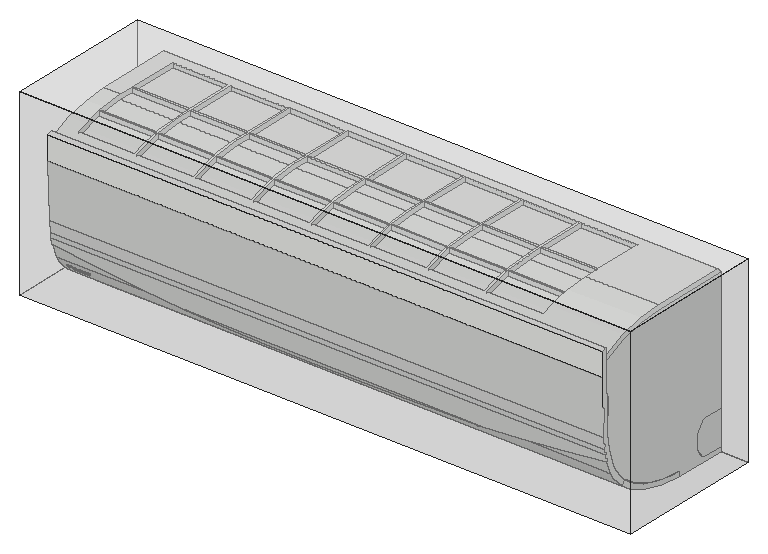
Revit family "outputfile", category 機械設備, Revit 2024
Family settings
  丸型コネクタ寸法 = 半径を使用
  パーツ タイプ = 標準
  OmniClass 番号 = 23.75.10.24.21.27.27
  OmniClass タイトル = Split System Air Conditioning Units
  作業面ベース = いいえ
  常に垂直 = はい
  ロード時にボイドで切り取り = いいえ
  注釈の向きを維持 = いいえ
  共有 = いいえ
  部屋計算ポイント = いいえ
Parameters (values of type "FTXV50W2VMA")
  Description = ""
  書き出し IFC クラス(タイプ) = "IfcUnitaryEquipmentType"
  定義済み IFC タイプ(タイプ) = "AIRCONDITIONINGUNIT"
  Cost = 0
  Type Comments = ""
  Keynote = ""
  Type Image = (empty or 0)
  Assembly Code = ""
  w_wall hole = if(Width = 770.0 mm, 48.0 mm, 60.0 mm)  # 60.0 mm
  製造元 = "Daikin"
  モデル = "FTXV50W2VMA"
  switch_frequency = yes
  r_Liquid Pipe Size = Liquid Pipe Size / 2  # 3.2 mm
  r_Gas Pipe Size = Gas Pipe Size / 2  # 6.35 mm
  r_Drain Pipe Size = Drain Pipe Size / 2  # 8.0 mm
  lw_powersupply [instance] = if(Width = 770.0 mm, if(or(Rear Right Connection_refrigerant, Bottom Right Connection_refrigerant), 25.0 mm, if(or(Rear Left Connection_refrigerant, Bottom Left Connection_refrigerant), 745.0 mm, 400.0 mm)), if(Width = 990.0 mm, if(or(Rear Right Connection_refrigerant, Bottom Right Connection_refrigerant), 40.0 mm, if(or(Rear Left Connection_refrigerant, Bottom Left Connection_refrigerant), 920.0 mm, 400.0 mm)), if(or(Rear Right Connection_refrigerant, Bottom Right Connection_refrigerant), 40.0 mm, if(or(Rear Left Connection_refrigerant, Bottom Left Connection_refrigerant), 920.0 mm, 400.0 mm))))  # 400.0 mm
  lw_liquidpipe [instance] = if(Width = 770.0 mm, if(or(Rear Right Connection_refrigerant, Bottom Right Connection_refrigerant), 0.0 mm, if(or(Rear Left Connection_refrigerant, Bottom Left Connection_refrigerant), 664.0 mm, 385.0 mm)), if(Width = 990.0 mm, if(or(Rear Right Connection_refrigerant, Bottom Right Connection_refrigerant), 0.0 mm, if(or(Rear Left Connection_refrigerant, Bottom Left Connection_refrigerant), 664.0 mm + (990.0 mm - 770.0 mm), 475.0 mm)), if(or(Rear Right Connection_refrigerant, Bottom Right Connection_refrigerant), 0.0 mm, if(or(Rear Left Connection_refrigerant, Bottom Left Connection_refrigerant), 664.0 mm + (990.0 mm - 770.0 mm), 475.0 mm))))  # 475.0 mm
  lw_gaspipe [instance] = if(Width = 770.0 mm, if(or(Rear Right Connection_refrigerant, Bottom Right Connection_refrigerant), 0.0 mm, if(or(Rear Left Connection_refrigerant, Bottom Left Connection_refrigerant), 675.0 mm, if(Gas Pipe Size = 12.7 mm, 345.0 mm, 335.0 mm))), if(Width = 990.0 mm, if(or(Rear Right Connection_refrigerant, Bottom Right Connection_refrigerant), 10.0 mm, if(or(Rear Left Connection_refrigerant, Bottom Left Connection_refrigerant), 890.0 mm, if(Gas Pipe Size = 15.9 mm, 410.0 mm, 400.0 mm))), if(or(Rear Right Connection_refrigerant, Bottom Right Connection_refrigerant), 10.0 mm, if(or(Rear Left Connection_refrigerant, Bottom Left Connection_refrigerant), 890.0 mm, if(Gas Pipe Size = 15.9 mm, 410.0 mm, 400.0 mm)))))  # 400.0 mm
  lw_drainpipe [instance] = if(Width = 770.0 mm, if(or(Rear Right Connection_refrigerant, Bottom Right Connection_refrigerant), 0.0 mm, if(or(Rear Left Connection_refrigerant, Bottom Left Connection_refrigerant), 770.0 mm - 48.0 mm - 48.0 mm, 440.0 mm)), if(Width = 990.0 mm, if(or(Rear Right Connection_refrigerant, Bottom Right Connection_refrigerant), 0.0 mm, if(or(Rear Left Connection_refrigerant, Bottom Left Connection_refrigerant), 675.0 mm + (990.0 mm - 770.0 mm), 435.0 mm)), if(or(Rear Right Connection_refrigerant, Bottom Right Connection_refrigerant), 0.0 mm, if(or(Rear Left Connection_refrigerant, Bottom Left Connection_refrigerant), 675.0 mm + (990.0 mm - 770.0 mm), 435.0 mm))))  # 435.0 mm
  l_powersupply_length [instance] = if(Width = 770.0 mm, if(Right Connection_refrigerant, 400.0 mm, if(Left Connection_refrigerant, 770.0 mm - 400.0 mm, if(or(Rear Left Connection_refrigerant, Rear Right Connection_refrigerant), 15.0 mm, 50.0 mm))), if(Width = 990.0 mm, if(Right Connection_refrigerant, 400.0 mm, if(Left Connection_refrigerant, 990.0 mm - 400.0 mm, if(or(Rear Left Connection_refrigerant, Rear Right Connection_refrigerant), 15.0 mm, 50.0 mm))), if(Right Connection_refrigerant, 400.0 mm, if(Left Connection_refrigerant, 990.0 mm - 400.0 mm, if(or(Rear Left Connection_refrigerant, Rear Right Connection_refrigerant), 15.0 mm, 50.0 mm)))))  # 400.0 mm
  l_liquidpipe_length [instance] = if(Width = 770.0 mm, if(Right Connection_refrigerant, 433.0 mm, if(Left Connection_refrigerant, 337.0 mm, if(or(Rear Left Connection_refrigerant, Rear Right Connection_refrigerant), 30.0 mm, 40.0 mm))), if(Width = 990.0 mm, if(Right Connection_refrigerant, 535.0 mm, if(Left Connection_refrigerant, 455.0 mm, if(or(Rear Left Connection_refrigerant, Rear Right Connection_refrigerant), 30.0 mm, 40.0 mm))), if(Right Connection_refrigerant, 535.0 mm, if(Left Connection_refrigerant, 455.0 mm, if(or(Rear Left Connection_refrigerant, Rear Right Connection_refrigerant), 30.0 mm, 40.0 mm)))))  # 535.0 mm
  l_gaspipe_length [instance] = if(Width = 770.0 mm, if(Right Connection_refrigerant, if(Gas Pipe Size = 12.7 mm, 393.0 mm, 383.0 mm), if(Left Connection_refrigerant, if(Gas Pipe Size = 12.7 mm, 770.0 mm - 393.0 mm, 770.0 mm - 383.0 mm), if(or(Rear Left Connection_refrigerant, Rear Right Connection_refrigerant), 40.0 mm, 50.0 mm))), if(Width = 990.0 mm, if(Right Connection_refrigerant, if(Gas Pipe Size = 15.9 mm, 470.0 mm, 460.0 mm), if(Left Connection_refrigerant, if(Gas Pipe Size = 15.9 mm, 990.0 mm - 470.0 mm, 990.0 mm - 460.0 mm), if(or(Rear Left Connection_refrigerant, Rear Right Connection_refrigerant), 40.0 mm, 50.0 mm))), if(Right Connection_refrigerant, if(Gas Pipe Size = 15.9 mm, 470.0 mm, 460.0 mm), if(Left Connection_refrigerant, if(Gas Pipe Size = 15.9 mm, 990.0 mm - 470.0 mm, 990.0 mm - 460.0 mm), if(or(Rear Left Connection_refrigerant, Rear Right Connection_refrigerant), 40.0 mm, 50.0 mm)))))  # 460.0 mm
  l_drainpipe_length [instance] = if(Width = 770.0 mm, if(Right Connection_refrigerant, 488.0 mm, if(Left Connection_refrigerant, 282.0 mm, if(or(Rear Left Connection_refrigerant, Rear Right Connection_refrigerant), 15.0 mm, 20.0 mm))), if(Width = 990.0 mm, if(Right Connection_refrigerant, 495.0 mm, if(Left Connection_refrigerant, 495.0 mm, if(or(Rear Left Connection_refrigerant, Rear Right Connection_refrigerant), 15.0 mm, 20.0 mm))), if(Right Connection_refrigerant, 495.0 mm, if(Left Connection_refrigerant, 495.0 mm, if(or(Rear Left Connection_refrigerant, Rear Right Connection_refrigerant), 15.0 mm, 20.0 mm)))))  # 495.0 mm
  h*** = 0.0 mm  # constant formula
  connector_voltage = Voltage_50Hz  # 230 V
  connector_powerinput = if([Power Input (Cooling)] > [Power Input (Heating)], [Power Input (Cooling)], [Power Input (Heating)])  # 0.000 kW
  connector_phase = Phase_50Hz  # 1
  angle_vertical [instance] = if(or(Bottom Left Connection_refrigerant, Bottom Right Connection_refrigerant), 0.00°, 90.00°)  # 90.00°
  angle_horizontal [instance] = if(Right Connection_refrigerant, 90.00°, if(Left Connection_refrigerant, -90.00°, if(or(Rear Left Connection_refrigerant, Rear Right Connection_refrigerant), 180.00°, 0.00°)))  # 90.00°
  Width = 990.0 mm
  Voltage_comment_50Hz = "220 - 240"
  Voltage_50Hz = 230 V
  Version = "ver.1.0"
  Unit Type = "Wall Mounted"
  Unit Mass Weight = 13.00 kg
  Unit Designation [instance] = ""
  Uniclass2015Version = "Products v1.30"
  Uniclass2015Title = "Split coil room air conditioning units"
  Uniclass2015Code = "Pr_70_65_03_86"
  URL = ""
  Total Heating Capacity [instance] = 0.000 kW
  Total Cooling Capacity [instance] = 0.000 kW
  Sound Pressure Level_M speed (dBA) = 40
  Sound Pressure Level_L speed (dBA) = 35
  Sound Pressure Level_H speed (dBA) = 45
  Sound Power Level_H speed (dB) = 0
  Series = "Single Split_Fan Coil Unit"
  Sensible Cooling Capacity [instance] = 0.000 kW
  Refrigerant Type = "R32"
  Power Input (Heating) = 0.000 kW
  Power Input (Cooling) = 0.000 kW
  Phase_50Hz = 1
  Option Accessory 3 [instance] = ""
  Option Accessory 2 [instance] = ""
  Option Accessory 1 [instance] = ""
  Nominal Heating Capacity = 6.000 kW
  Nominal Cooling Capacity = 5.000 kW
  Minimum Circuit Amps_50Hz = 0.0 A
  Minimum Airflow = 666.00 m³/h
  Median Airflow = 816.00 m³/h
  Maximum Fuse Amps_50Hz = 0.0 A
  Maximum Airflow = 960.00 m³/h
  Material_Casing = DAIKIN_PureWhite_Casing_indoorunit
  Load Classification = HVAC
  Liquid Pipe Size = 6.4 mm
  Link_Nested Family [instance] = ""
  IfcVersion = ""
  IfcExportType = "AIRCONDITIONINGUNIT"
  IfcExportAs = "IfcUnitaryEquipmentType"
  Height = 295.0 mm
  Heating Entering Wet Bulb Temperature [instance] = -273.15 °C
  Heating Entering Dry Bulb Temperature [instance] = -273.15 °C
  Heating Ambient Wet Bulb Temperature [instance] = -273.15 °C
  Heating Ambient Dry Bulb Temperature [instance] = -273.15 °C
  Heat Exchanger Type = "Cross Fin Coil"
  Gas Pipe Size = 12.7 mm
  Frequency_50Hz = 50 Hz
  Fan Type = "Cross Flow Fan"
  Fan Drive = "Direct Drive"
  FCU Tag No. [instance] = ""
  Drain Pipe Size = 16.0 mm
  Design Supply Airflow [instance] = 0.00 m³/h
  Depth = 263.0 mm
  既定の高さ = 0.0 mm
  Cooling Entering Wet Bulb Temperature [instance] = 0.00 °C
  Cooling Entering Dry Bulb Temperature [instance] = 0.00 °C
  Cooling Ambient Wet Bulb Temperature [instance] = 0.00 °C
  Cooling Ambient Dry Bulb Temperature [instance] = 0.00 °C
  Clearance visibility [instance] = yes
  Clearance Top = 30.0 mm
  Clearance Right = 50.0 mm
  Clearance Rear = 0.0 mm
  Clearance Left = 50.0 mm
  Clearance Front = 0.0 mm
  Clearance Bottom = 0.0 mm
  Bottom Right Connection_refrigerant [instance] = no
  Bottom Left Connection_refrigerant [instance] = no
  Rear Right Connection_refrigerant [instance] = no
  Rear Left Connection_refrigerant [instance] = no
  Right Connection_refrigerant [instance] = yes
  Left Connection_refrigerant [instance] = no
Reference planes
  plane 1 "Back": y = 0
  plane 2: z = 0
  plane 3 "Center (Left/Right)": x = 0
  plane 4 "Center (Front/Back)": y = -131.5
  plane 5 "Front": y = -263
  plane 6 "Left": x = -495
  plane 7 "Right": x = 495
  plane 8 "Top": z = 0
  plane 9 "Bottom": z = -295
  plane 10: x = -545
  plane 11: x = 545
  plane 12: y = 0
  plane 13: y = -263
  plane 14: z = 30
  plane 15: z = -295
  plane 16 "lw_Piping and Wiring intake": x = 435
  plane 17 "lw_gaspipe": x = 35
  plane 18 "lw_liquidpipe": x = -40
  plane 19 "lw_drainpipe": x = 0
  plane 20 "lh_drainpipe": z = -275
  plane 21 "lh_liquidpipe": z = -255
  plane 22 "lh_gaspipe": z = -245
  plane 23 "ld_drainpipe": y = -15
  plane 24 "ld_liquidpipe": y = -30
  plane 25 "ld_gaspipe": y = -40
  plane 26 "lw_powersupply": x = 95
Dimensions and locks
  equal spacing: plane 6 "Left", plane 3 "Center (Left/Right)", plane 7 "Right"
  "Width": plane 6 "Left" to plane 7 "Right"
  equal spacing: plane 5 "Front", plane 4 "Center (Front/Back)", plane 1 "Back"
  "Depth": plane 5 "Front" to plane 1 "Back"
  "Height": plane 8 "Top" to plane 9 "Bottom"
  "Clearance Rear": plane 12 to plane 1 "Back"
  "Clearance Front": plane 13 to plane 5 "Front"
  "Clearance Top": plane 14 to plane 8 "Top"
  "Clearance Bottom": plane 9 "Bottom" to plane 15
  "w_wall hole": plane 16 "lw_Piping and Wiring intake" to plane 7 "Right"
  "lw_gaspipe": plane 17 "lw_gaspipe" to plane 16 "lw_Piping and Wiring intake"
  "lw_liquidpipe": plane 18 "lw_liquidpipe" to plane 16 "lw_Piping and Wiring intake"
  "lw_drainpipe": plane 19 "lw_drainpipe" to plane 16 "lw_Piping and Wiring intake"
  locked: plane 20 "lh_drainpipe" to plane 9 "Bottom" at 20
  locked: plane 21 "lh_liquidpipe" to plane 9 "Bottom" at 40
  locked: plane 22 "lh_gaspipe" to plane 9 "Bottom" at 50
  locked: plane 23 "ld_drainpipe" to plane 1 "Back" at 15
  locked: plane 1 "Back" to plane 24 "ld_liquidpipe" at 30
  locked: plane 1 "Back" to plane 25 "ld_gaspipe" at 40
  "lw_powersupply": plane 26 "lw_powersupply" to plane 7 "Right"
  "Clearance Right": plane 7 "Right" to plane 11
  "Clearance Left": plane 10 to plane 6 "Left"
  aligned and locked: level to plane 2
  aligned and locked: plane 12 to nested 1
  aligned and locked: nested 1 to plane 13
  aligned and locked: plane 10 to nested 1
  aligned and locked: plane 11 to nested 1
  aligned and locked: plane 15 to nested 1
  aligned and locked: plane 14 to nested 1
  aligned and locked: plane 17 "lw_gaspipe" to nested 2
  aligned and locked: nested 2 to plane 25 "ld_gaspipe"
  aligned and locked: plane 18 "lw_liquidpipe" to nested 3
  aligned and locked: nested 3 to plane 24 "ld_liquidpipe"
  aligned and locked: plane 19 "lw_drainpipe" to nested 4
  aligned and locked: nested 4 to plane 23 "ld_drainpipe"
  aligned and locked: nested 5 to plane 23 "ld_drainpipe"
  aligned and locked: plane 26 "lw_powersupply" to nested 5
  aligned and locked: level to plane 8 "Top"
  aligned and locked: plane 3 "Center (Left/Right)" to nested 6
  aligned and locked: plane 1 "Back" to nested 6
  aligned and locked: plane 8 "Top" to nested 6
Nested families
  nested 1: "daikin_clearancespace" at (0, -131.5, -132.381), show <- "Clearance visibility", visible <- "Clearance visibility", Link_Nested Family <- "Link_Nested Family", type "daikin_clearancespace"
    with width 1090.0 mm, show yes, height 325.0 mm, depth 263.0 mm, Link_Nested Family ""
  nested 2: "daikin_connector_rotate3" at (35, -40, -245), angle_vertical <- "angle_vertical", angle_horizontal <- "angle_horizontal", length <- "l_gaspipe_length", radius <- "r_Gas Pipe Size", type "daikin_connector_rotate3"
    with show no, radius 6.35 mm, length 460.0 mm, angle_vertical 90.00°, angle_horizontal 90.00°
  nested 3: "daikin_connector_rotate3" at (-40, -30, -255), angle_vertical <- "angle_vertical", angle_horizontal <- "angle_horizontal", radius <- "r_Liquid Pipe Size", length <- "l_liquidpipe_length", type "daikin_connector_rotate3"
    with show no, radius 3.2 mm, length 535.0 mm, angle_vertical 90.00°, angle_horizontal 90.00°
  nested 4: "daikin_connector_rotate3" at (0, -15, -275), angle_vertical <- "angle_vertical", angle_horizontal <- "angle_horizontal", length <- "l_drainpipe_length", radius <- "r_Drain Pipe Size", type "daikin_connector_rotate3"
    with show no, radius 8.0 mm, length 495.0 mm, angle_vertical 90.00°, angle_horizontal 90.00°
  nested 5: "daikin_connector_rotate3" at (95, -15, -245), angle_vertical <- "angle_vertical", angle_horizontal <- "angle_horizontal", length <- "l_powersupply_length", type "daikin_connector_rotate3"
    with show no, radius 10.0 mm, length 400.0 mm, angle_vertical 90.00°, angle_horizontal 90.00°
  nested 6: "DAIKIN_indoorunit_FTXV-W2VMA" at (-31, 0, 0), type "FTXV-W2VMA"
    with switch_unit1_50-71 yes, switch_unit1_20-46 no, Width 990.0 mm, WALL HOLE-R 60.0 mm, WALL HOLE Size 80.0 mm, Height 295.0 mm
Connectors
  piping at (495, -40, -245), diameter 12.7, driven by "r_Gas Pipe Size"
    settings: on nested 2, index 1, connector inside diameter 609.6 mm, connector length 0.0 mm, flow factor 0, pipe flow 0.00 m³/h, pressure drop 0.0 Pa, fitting loss kfactor 0, connector angle 0.00°, fixture units 0, engagement length 0.0 mm, angle of deflection 0.00°, flow configuration 1, flow direction 2, fitting loss method 0, system type 29, joint type 0, gender type 0, connector reference index -1, connector utility 0, adjustable connector no, is connector primary yes, connector description "Refrigerant Gas Piping"
  piping at (495, -30, -255), diameter 6.4, driven by "r_Liquid Pipe Size"
    settings: on nested 3, index 2, connector inside diameter 609.6 mm, connector length 0.0 mm, flow factor 0, pipe flow 0.00 m³/h, pressure drop 0.0 Pa, fitting loss kfactor 0, connector angle 0.00°, fixture units 0, engagement length 0.0 mm, angle of deflection 0.00°, flow configuration 1, flow direction 1, fitting loss method 0, system type 29, joint type 0, gender type 0, connector reference index -1, connector utility 0, adjustable connector no, is connector primary no, connector description "Refrigerant Liquid Piping"
  piping at (495, -15, -275), diameter 16, driven by "r_Drain Pipe Size"
    settings: on nested 4, index 3, connector inside diameter 609.6 mm, connector length 0.0 mm, flow factor 0, pipe flow 0.00 m³/h, pressure drop 0.0 Pa, fitting loss kfactor 0, connector angle 0.00°, fixture units 0, engagement length 0.0 mm, angle of deflection 0.00°, flow configuration 1, flow direction 2, fitting loss method 4, system type 16, joint type 0, gender type 0, connector reference index -1, connector utility 0, adjustable connector no, is connector primary no, connector description "Condensate Drain Piping"
  electrical at (495, -15, -245), driven by "Load Classification", driven by "connector_phase", driven by "connector_powerinput", driven by "connector_voltage"
    settings: on nested 5, index 4, voltage 230 V, apparent load 0 VA, apparent load phase1 0 VA, apparent load phase2 0 VA, apparent load phase3 0 VA, power factor 1, load classification "HVAC", number of poles 1, system type 30, power factor state 1, is connector primary yes, connector utility no, sub classification motor no, connector description "Power Supply"
Definition of nested family "daikin_clearancespace"
  Parameters (values of type "daikin_clearancespace")
    Description = "daikin_clearancespace"
    width [instance] = 1823.963 mm
    show [instance] = yes
    material = none
    height [instance] = 1359.762 mm
    depth [instance] = 880.0 mm
    Default Elevation = 0.0 mm
    Link_Nested Family [instance] = ""
  Reference planes
    plane 1 "Center (Front/Back)": y = 0
    plane 2 "Center (Elevation)": z = -0.119
    plane 3 "Center (Left/Right)": x = 0
    plane 4: y = 440
    plane 5: y = -440
    plane 6 "Right": x = 911.982
    plane 7 "Left": x = -911.982
    plane 8 "Top": z = 679.762
    plane 9 "Bottom": z = -680
  Forms (mm)
    Extrusion 1, solid, material <- "material", visible <- "show"
      sketch origin (0, 0, 0) x (1, 0, 0) y (0, 1, 0)
        loop
          line (-911.982, 440) -> (-911.982, -440) -> (911.982, -440) -> (911.982, 440) -> (-911.982, 440)
      from -680 to 679.762
  Lines and regions (mm)
    symbolic lines, visible <- "show"
      curve 1: line (911.982, 440, 0) -> (-911.982, 440, 0)
      curve 2: line (-911.982, 440, 0) -> (-911.982, -440, 0)
      curve 3: line (-911.982, -440, 0) -> (911.982, -440, 0)
      curve 4: line (911.982, -440, 0) -> (911.982, 440, 0)
      curve 5: line (911.982, 0, 679.762) -> (-911.982, 0, 679.762)
      curve 6: line (911.982, 0, -680) -> (911.982, 0, 679.762)
      curve 7: line (-911.982, 0, -680) -> (911.982, 0, -680)
      curve 8: line (-911.982, 0, 679.762) -> (-911.982, 0, -680)
      curve 9: line (0, 440, 679.762) -> (0, -440, 679.762)
      curve 10: line (0, -440, 679.762) -> (0, -440, -680)
      curve 11: line (0, 440, -680) -> (0, 440, 679.762)
      curve 12: line (0, -440, -680) -> (0, 440, -680)
  Dimensions and locks
    "width": plane 7 "Left" to plane 6 "Right"
    "depth": plane 4 to plane 5
    "height": plane 8 "Top" to plane 9 "Bottom"
    equal spacing: plane 7 "Left", plane 3 "Center (Left/Right)", plane 6 "Right"
    equal spacing: plane 4, plane 1 "Center (Front/Back)", plane 5
    equal spacing: plane 8 "Top", plane 2 "Center (Elevation)", plane 9 "Bottom"
    aligned and locked: level to plane 2 "Center (Elevation)"
    aligned and locked: Extrusion 1 sketch curve to plane 4
    aligned and locked: plane 7 "Left" to Extrusion 1 sketch curve
    aligned and locked: Extrusion 1 sketch curve to plane 5
    aligned and locked: Extrusion 1 sketch curve to plane 6 "Right"
    aligned and locked: plane 8 "Top" to Extrusion 1
    aligned and locked: curve 1 to Extrusion 1
    aligned and locked: curve 2 to Extrusion 1
    aligned and locked: curve 3 to Extrusion 1
    aligned and locked: curve 4 to Extrusion 1
    aligned and locked: curve 5 to Extrusion 1
    aligned and locked: curve 6 to Extrusion 1
    aligned and locked: curve 7 to Extrusion 1
    aligned and locked: curve 8 to Extrusion 1
    aligned and locked: curve 9 to Extrusion 1
    aligned and locked: curve 10 to Extrusion 1
    aligned and locked: curve 11 to Extrusion 1
    aligned and locked: curve 12 to Extrusion 1
    aligned and locked: Extrusion 1 to plane 9 "Bottom"
Definition of nested family "DAIKIN_indoorunit_FTXV-W2VMA"
  Parameters (values of type "FTKM-QVMA")
    switch_unit1_50-71 = Width = 990.0 mm  # no
    switch_unit1_20-46 = Width = 770.0 mm  # yes
    Width = 770.0 mm
    WALL HOLE-R = if(Width = 770.0 mm, 48.0 mm, 60.0 mm)  # 48.0 mm
    WALL HOLE Size = if(Width = 770.0 mm, 65.0 mm, 80.0 mm)  # 65.0 mm
    Material_Casing = none
    Height = if(Width = 770.0 mm, 285.0 mm, 295.0 mm)  # 285.0 mm
    Default Elevation = 0.0 mm
  Reference planes
    plane 1 "Center (Front/Back)": y = 0
    plane 2 "reference_level": z = 0
    plane 3 "Center (Left/Right)": x = 31
    plane 4: x = -354
    plane 5: x = 416
    plane 6: z = -285
  Forms (mm)
    Extrusion 1, solid, material <- "Material_Casing", visible <- "switch_unit1_20-46"
      sketch origin (29, 0, 0) x (0, 1, 0) y (0, 0, 1)
        loop
          line (-5, 0) -> (-98, 0)
          arc (-98, 0) -> (-157.611, -7.211) -> (-213.783, -28.427) r 250
          arc (-213.783, -28.427) -> (-213.842, -32.972) -> (-213.892, -37.516) r 2191
          arc (-213.892, -37.516) -> (-157.832, -15.495) -> (-98.07, -8) r 242
          line (-98.07, -8) -> (0, -8) -> (-5, 0)
      from -383 to 387
    Extrusion 2, solid, material <- "Material_Casing", visible <- "switch_unit1_20-46"
      sketch origin (416, 1296.25, 1200) x (0, 1, 0) y (0, 0, 1)
        loop
          line (-1472.998, -1446.91) -> (-1476.998, -1453.839)
          arc (-1476.998, -1453.839) -> (-1437.481, -1472.422) -> (-1395.25, -1483.538) r 240
          line (-1395.25, -1483.538) -> (-1395.25, -1475.422)
          arc (-1395.25, -1475.422) -> (-1435.407, -1464.663) -> (-1472.998, -1446.91) r 232
      from 0 to -47.5
    Extrusion 3, solid, material <- "Material_Casing", visible <- "switch_unit1_20-46"
      sketch origin (29, 0, 0) x (0, 1, 0) y (0, 0, 1)
        loop
          arc (-223, -60.455) -> (-222.414, -110.646) -> (-220.656, -160.81) r 2149.92
          arc (-220.656, -160.81) -> (-219.65, -174.299) -> (-217.853, -187.706) r 229.911
          arc (-217.853, -187.706) -> (-205.371, -223.594) -> (-181.517, -253.17) r 111
          line (-181.517, -253.17) -> (-177.429, -246.093)
          arc (-177.429, -246.093) -> (-198.77, -218.989) -> (-209.965, -186.36) r 103
          arc (-209.965, -186.36) -> (-211.681, -173.586) -> (-212.651, -160.735) r 221.844
          arc (-212.651, -160.735) -> (-214.739, -93.233) -> (-214.74, -25.699) r 2186.828
          arc (-214.74, -25.699) -> (-214.671, -21.467) -> (-214.594, -17.235) r 2192
          line (-214.594, -17.235) -> (-223, -19.961) -> (-223, -60.455)
      from -383 to 387
    Extrusion 4, solid, material <- "Material_Casing", visible <- "switch_unit1_20-46"
      sketch origin (29, 0, 0) x (0, 1, 0) y (0, 0, 1)
        loop
          line (-181.517, -253.17) -> (-179.597, -249.846)
          arc (-179.597, -249.846) -> (-202.009, -221.399) -> (-213.189, -186.952) r 103
          line (-213.189, -186.952) -> (-217.853, -187.706)
          arc (-217.853, -187.706) -> (-217.533, -189.556) -> (-217.182, -191.4) r 111
          arc (-217.182, -191.4) -> (-213.806, -208.181) -> (-210.362, -224.948) r 4257.809
          arc (-210.362, -224.948) -> (-198.886, -237.857) -> (-186.225, -249.607) r 180
          line (-186.225, -249.607) -> (-181.517, -253.17)
      from -383 to 387
    Extrusion 5, solid, material <- "Material_Casing", visible <- "switch_unit1_20-46"
      sketch origin (29, 0, -20) x (0, 1, 0) y (0, 0, 1)
        loop
          line (0, -265) -> (0, 12) -> (-98.07, 12)
          arc (-98.07, 12) -> (-157.832, 4.505) -> (-213.892, -17.516) r 242
          arc (-213.892, -17.516) -> (-213.638, -79.114) -> (-211.653, -140.681) r 2191
          arc (-211.653, -140.681) -> (-210.685, -153.501) -> (-208.973, -166.243) r 221
          arc (-208.973, -166.243) -> (-197.471, -199.282) -> (-175.482, -226.491) r 102
          arc (-175.482, -226.491) -> (-138.004, -244.019) -> (-98, -254.579) r 231
          line (-98, -254.579) -> (-98, -265) -> (0, -265)
      from -383 to 387
    Extrusion 6, solid, material <- "Material_Casing", visible <- "switch_unit1_20-46"
      sketch origin (-354, 1296.25, 1200) x (0, 1, 0) y (0, 0, 1)
        loop
          line (-1472.998, -1446.91) -> (-1476.998, -1453.839)
          arc (-1476.998, -1453.839) -> (-1437.481, -1472.422) -> (-1395.25, -1483.538) r 240
          line (-1395.25, -1483.538) -> (-1395.25, -1475.422)
          arc (-1395.25, -1475.422) -> (-1435.407, -1464.663) -> (-1472.998, -1446.91) r 232
      from 47 to 0
    Extrusion 7, solid, material <- "Material_Casing", visible <- "switch_unit1_20-46"
      sketch origin (416, 1296.25, 1200) x (0, 1, 0) y (0, 0, 1)
        loop
          line (-1472.998, -1446.91) -> (-1476.998, -1453.839)
          arc (-1476.998, -1453.839) -> (-1443.437, -1470.168) -> (-1407.75, -1481.097) r 240
          line (-1407.75, -1481.097) -> (-1407.75, -1472.894)
          arc (-1407.75, -1472.894) -> (-1441.363, -1462.385) -> (-1472.998, -1446.91) r 232
      from -116.993 to -48.493
    Extrusion 8, solid, material <- "Material_Casing", visible <- "switch_unit1_20-46"
      sketch origin (416, 1296.25, 1200) x (0, 1, 0) y (0, 0, 1)
        loop
          line (-1472.998, -1446.91) -> (-1476.998, -1453.839)
          arc (-1476.998, -1453.839) -> (-1443.437, -1470.168) -> (-1407.75, -1481.097) r 240
          line (-1407.75, -1481.097) -> (-1407.75, -1472.894)
          arc (-1407.75, -1472.894) -> (-1441.363, -1462.385) -> (-1472.998, -1446.91) r 232
      from -717 to -121.993
    Extrusion 9, void
      sketch origin (31, 0, -235) x (1, 0, 0) y (0, 1, 0)
        loop
          line (-252.674, -22.316) -> (-354.941, -22.316) -> (-354.941, -91.341) -> (-252.674, -91.341) -> (-252.674, -22.316)
        loop
          line (-249.341, -91.341) -> (-151.574, -91.341) -> (-151.574, -22.316) -> (-249.341, -22.316) -> (-249.341, -91.341)
        loop
          line (58.309, -22.316) -> (-148.309, -22.316) -> (-148.309, -91.341) -> (58.309, -91.341) -> (58.309, -22.316)
        loop
          line (61.689, -22.316) -> (61.689, -91.341) -> (159.457, -91.341) -> (159.457, -22.316) -> (61.689, -22.316)
        loop
          line (162.789, -22.316) -> (162.789, -91.341) -> (265.057, -91.341) -> (265.057, -22.316) -> (162.789, -22.316)
        loop
          line (-354.941, -94.659) -> (-354.941, -165.259) -> (-252.674, -165.259) -> (-252.674, -94.659) -> (-354.941, -94.659)
        loop
          line (-249.341, -94.659) -> (-249.341, -165.259) -> (-151.574, -165.259) -> (-151.574, -94.659) -> (-249.341, -94.659)
        loop
          line (-148.309, -94.659) -> (-148.309, -165.259) -> (58.309, -165.259) -> (58.309, -94.659) -> (-148.309, -94.659)
        loop
          line (61.689, -94.659) -> (61.689, -165.259) -> (159.457, -165.259) -> (159.457, -94.659) -> (61.689, -94.659)
        loop
          line (162.789, -94.659) -> (162.789, -165.259) -> (265.057, -165.259) -> (265.057, -94.659) -> (162.789, -94.659)
        loop
          line (-354.941, -167.382) -> (-354.941, -192.681) -> (-252.674, -192.681) -> (-252.674, -167.382) -> (-354.941, -167.382)
        loop
          line (-249.341, -167.382) -> (-249.341, -192.681) -> (-151.574, -192.681) -> (-151.574, -167.382) -> (-249.341, -167.382)
        loop
          line (-148.309, -167.382) -> (-148.309, -192.681) -> (58.309, -192.681) -> (58.309, -167.382) -> (-148.309, -167.382)
        loop
          line (159.457, -167.382) -> (61.689, -167.382) -> (61.689, -192.681) -> (159.457, -192.681) -> (159.457, -167.382)
        loop
          line (265.057, -167.382) -> (162.789, -167.382) -> (162.789, -192.681) -> (265.057, -192.681) -> (265.057, -167.382)
      from 201.638 to 250
    Extrusion 10, void
      sketch origin (31, 0, 0) x (1, 0, 0) y (0, 0, 1)
        loop
          arc (597, -174.907) -> (0.056, -245.263) -> (-597, -175.856) r 2585.042
          line (-597, -175.856) -> (-597, -352.872) -> (597, -352.872) -> (597, -174.907)
      from 173 to 315.3
    Extrusion 11, solid, material <- "Material_Casing"
      sketch origin (31, 0, 0) x (1, 0, 0) y (0, 0, 1)
        loop
          circle (337, -240.5) r 32.5
        loop
          circle (-337, -240.5) r 32.5
      from 0 to 5
    Extrusion 12, solid, material <- "Material_Casing", visible <- "switch_unit1_20-46"
      sketch origin (416, 1296.25, 1200) x (0, -1, 0) y (0, 0, 1)
        loop
          line (1326.25, -1417) -> (1296.25, -1417) -> (1296.25, -1477) -> (1326.25, -1477)
          arc (1326.25, -1477) -> (1340.393, -1471.142) -> (1346.25, -1457) r 20
          line (1346.25, -1457) -> (1346.25, -1437)
          arc (1346.25, -1437) -> (1340.393, -1422.858) -> (1326.25, -1417) r 20
      from 0 to 5
    Extrusion 13, solid, material <- "Material_Casing", visible <- "switch_unit1_20-46"
      sketch origin (-354, 1296.25, 1200) x (0, 1, 0) y (0, 0, 1)
        loop
          line (-1296.25, -1417) -> (-1326.25, -1417)
          arc (-1326.25, -1417) -> (-1340.393, -1422.858) -> (-1346.25, -1437) r 20
          line (-1346.25, -1437) -> (-1346.25, -1457)
          arc (-1346.25, -1457) -> (-1340.393, -1471.142) -> (-1326.25, -1477) r 20
          line (-1326.25, -1477) -> (-1296.25, -1477) -> (-1296.25, -1417)
      from 0 to 5
    Extrusion 14, solid, material <- "Material_Casing", visible <- "switch_unit1_20-46"
      sketch origin (31, 0, -285) x (-1, 0, 0) y (0, -1, 0)
        loop
          line (-314, 0) -> (-314, 30)
          arc (-314, 30) -> (-319.858, 44.142) -> (-334, 50) r 20
          line (-334, 50) -> (-354, 50)
          arc (-354, 50) -> (-368.142, 44.142) -> (-374, 30) r 20
          line (-374, 30) -> (-374, 0) -> (-314, 0)
        loop
          line (374, 0) -> (374, 30)
          arc (374, 30) -> (368.142, 44.142) -> (354, 50) r 20
          line (354, 50) -> (334, 50)
          arc (334, 50) -> (319.858, 44.142) -> (314, 30) r 20
          line (314, 30) -> (314, 0) -> (374, 0)
      from 0 to 5
    Extrusion 15, solid, material <- "Material_Casing", visible <- "switch_unit1_50-71"
      sketch origin (31, 0, 0) x (0, 1, 0) y (0, 0, 1)
        loop
          line (-5, 0) -> (-138, 0)
          arc (-138, 0) -> (-197.611, -7.211) -> (-253.783, -28.427) r 250
          arc (-253.783, -28.427) -> (-253.838, -32.687) -> (-253.886, -36.946) r 2191
          arc (-253.886, -36.946) -> (-197.73, -15.346) -> (-138.014, -8) r 246.393
          line (-138.014, -8) -> (0, -8) -> (-5, 0)
      from -495 to 495
    Extrusion 16, solid, material <- "Material_Casing", visible <- "switch_unit1_50-71"
      sketch origin (418, 1296.25, 1200) x (0, 1, 0) y (0, 0, 1)
        loop
          arc (-1515.208, -1454.149) -> (-1506.856, -1460.599) -> (-1497.925, -1466.219) r 110
          arc (-1497.925, -1466.219) -> (-1445.718, -1487.493) -> (-1389.844, -1494.995) r 223
          line (-1389.844, -1494.995) -> (-1389.844, -1486.086) -> (-1404.386, -1486.086)
          arc (-1404.386, -1486.086) -> (-1449.542, -1477.46) -> (-1491.818, -1459.402) r 214.289
          arc (-1491.818, -1459.402) -> (-1501.056, -1453.541) -> (-1509.606, -1446.715) r 101
          line (-1509.606, -1446.715) -> (-1515.208, -1454.149)
      from 108 to 57.5
    Extrusion 17, solid, material <- "Material_Casing", visible <- "switch_unit1_50-71"
      sketch origin (31, 0, 0) x (0, 1, 0) y (0, 0, 1)
        loop
          line (-263, -19.962) -> (-263, -61.6)
          arc (-263, -61.6) -> (-262.414, -110.219) -> (-260.656, -158.81) r 2017.341
          arc (-260.656, -158.81) -> (-255.648, -191.935) -> (-244.041, -223.362) r 164.725
          arc (-244.041, -223.362) -> (-233.569, -239.793) -> (-219.717, -253.495) r 87.379
          line (-219.717, -253.495) -> (-214.706, -246.846)
          arc (-214.706, -246.846) -> (-229.564, -230.029) -> (-240.385, -210.371) r 102
          arc (-240.385, -210.371) -> (-249.049, -182.962) -> (-252.848, -154.467) r 165.789
          arc (-252.848, -154.467) -> (-254.771, -90.102) -> (-254.74, -25.708) r 2122.533
          arc (-254.74, -25.708) -> (-254.671, -21.469) -> (-254.594, -17.23) r 2192
          line (-254.594, -17.23) -> (-263, -19.962)
      from -495 to 495
    Extrusion 18, void
      sketch origin (33, 0, 0) x (1, 0, 0) y (0, 1, 0)
        loop
          line (-466.909, -22.316) -> (-466.909, -111.341) -> (-366.303, -111.341) -> (-366.303, -22.316) -> (-466.909, -22.316)
        loop
          line (-362.71, -22.316) -> (-362.71, -111.341) -> (-262.103, -111.341) -> (-262.103, -22.316) -> (-362.71, -22.316)
        loop
          line (-258.51, -22.316) -> (-258.51, -111.341) -> (-157.904, -111.341) -> (-157.904, -22.316) -> (-258.51, -22.316)
        loop
          line (-154.31, -22.316) -> (-154.31, -111.341) -> (-53.704, -111.341) -> (-53.704, -22.316) -> (-154.31, -22.316)
        loop
          line (-50.11, -22.316) -> (-50.11, -111.341) -> (50.496, -111.341) -> (50.496, -22.316) -> (-50.11, -22.316)
        loop
          line (54.089, -22.316) -> (54.089, -111.341) -> (154.696, -111.341) -> (154.696, -22.316) -> (54.089, -22.316)
        loop
          line (158.289, -22.316) -> (158.289, -111.341) -> (258.895, -111.341) -> (258.895, -22.316) -> (158.289, -22.316)
        loop
          line (262.489, -22.316) -> (262.489, -111.341) -> (363.095, -111.341) -> (363.095, -22.316) -> (262.489, -22.316)
        loop
          line (-466.909, -114.459) -> (-466.909, -185.059) -> (-366.303, -185.059) -> (-366.303, -114.459) -> (-466.909, -114.459)
        loop
          line (-362.71, -114.459) -> (-362.71, -185.059) -> (-262.103, -185.059) -> (-262.103, -114.459) -> (-362.71, -114.459)
        loop
          line (-258.51, -114.459) -> (-258.51, -185.059) -> (-157.904, -185.059) -> (-157.904, -114.459) -> (-258.51, -114.459)
        loop
          line (-154.31, -114.459) -> (-154.31, -185.059) -> (-53.704, -185.059) -> (-53.704, -114.459) -> (-154.31, -114.459)
        loop
          line (-50.11, -114.459) -> (-50.11, -185.059) -> (50.496, -185.059) -> (50.496, -114.459) -> (-50.11, -114.459)
        loop
          line (54.089, -114.459) -> (54.089, -185.059) -> (154.696, -185.059) -> (154.696, -114.459) -> (54.089, -114.459)
        loop
          line (158.289, -114.459) -> (158.289, -185.059) -> (258.895, -185.059) -> (258.895, -114.459) -> (158.289, -114.459)
        loop
          line (262.489, -114.459) -> (262.489, -185.059) -> (363.095, -185.059) -> (363.095, -114.459) -> (262.489, -114.459)
        loop
          line (-466.909, -187.382) -> (-466.909, -232.681) -> (-366.303, -232.681) -> (-366.303, -187.382) -> (-466.909, -187.382)
        loop
          line (-362.71, -187.382) -> (-362.71, -232.681) -> (-262.103, -232.681) -> (-262.103, -187.382) -> (-362.71, -187.382)
        loop
          line (-258.51, -187.382) -> (-258.51, -232.681) -> (-157.904, -232.681) -> (-157.904, -187.382) -> (-258.51, -187.382)
        loop
          line (-154.31, -187.382) -> (-154.31, -232.681) -> (-53.704, -232.681) -> (-53.704, -187.382) -> (-154.31, -187.382)
        loop
          line (-50.11, -187.382) -> (-50.11, -232.681) -> (50.496, -232.681) -> (50.496, -187.382) -> (-50.11, -187.382)
        loop
          line (54.089, -187.382) -> (54.089, -232.681) -> (154.696, -232.681) -> (154.696, -187.382) -> (54.089, -187.382)
        loop
          line (158.289, -187.382) -> (158.289, -232.681) -> (258.895, -232.681) -> (258.895, -187.382) -> (158.289, -187.382)
        loop
          line (262.489, -187.382) -> (262.489, -232.681) -> (363.095, -232.681) -> (363.095, -187.382) -> (262.489, -187.382)
      from -40.013 to 47.268
    Extrusion 19, void
      sketch origin (33, 0, 2300) x (1, 0, 0) y (0, 0, 1)
        loop
          line (705, -2672.872) -> (705, -2462.4)
          arc (705, -2462.4) -> (-2.043, -2534.819) -> (-709, -2461.567) r 3467.757
          line (-709, -2461.567) -> (-709, -2672.872) -> (705, -2672.872)
      from 173 to 315.3
    Extrusion 20, solid, material <- "Material_Casing", visible <- "switch_unit1_50-71"
      sketch origin (-356, 1296.25, 1200) x (0, 1, 0) y (0, 0, -1)
        loop
          line (-1515.208, 1454.149) -> (-1509.606, 1446.715)
          arc (-1509.606, 1446.715) -> (-1501.056, 1453.541) -> (-1491.818, 1459.402) r 101
          arc (-1491.818, 1459.402) -> (-1449.542, 1477.46) -> (-1404.386, 1486.086) r 214.289
          line (-1404.386, 1486.086) -> (-1389.844, 1486.086) -> (-1389.844, 1494.995)
          arc (-1389.844, 1494.995) -> (-1445.718, 1487.493) -> (-1497.925, 1466.219) r 223
          arc (-1497.925, 1466.219) -> (-1506.856, 1460.599) -> (-1515.208, 1454.149) r 110
      from 108 to 61
    Extrusion 21, solid, material <- "Material_Casing", visible <- "switch_unit1_50-71"
      sketch origin (418, 1296.25, 1200) x (0, 1, 0) y (0, 0, 1)
        loop
          arc (-1515.208, -1454.149) -> (-1506.856, -1460.599) -> (-1497.925, -1466.219) r 110
          arc (-1497.925, -1466.219) -> (-1463.185, -1482.066) -> (-1426.25, -1491.755) r 223
          line (-1426.25, -1491.755) -> (-1426.25, -1483.166)
          arc (-1426.25, -1483.166) -> (-1460.008, -1473.969) -> (-1491.818, -1459.402) r 214.289
          arc (-1491.818, -1459.402) -> (-1501.056, -1453.541) -> (-1509.606, -1446.715) r 101
          line (-1509.606, -1446.715) -> (-1515.208, -1454.149)
      from 56.5 to -36.993
    Extrusion 22, solid, material <- "Material_Casing", visible <- "switch_unit1_50-71"
      sketch origin (418, 1296.25, 1200) x (0, 1, 0) y (0, 0, 1)
        loop
          arc (-1426.25, -1483.166) -> (-1443.442, -1479.224) -> (-1460.25, -1473.881) r 214.289
          line (-1460.25, -1473.881) -> (-1460.25, -1483.089)
          arc (-1460.25, -1483.089) -> (-1443.421, -1488.091) -> (-1426.25, -1491.755) r 223
          line (-1426.25, -1491.755) -> (-1426.25, -1483.166)
      from -43.493 to -828.893
    Extrusion 23, solid, material <- "Material_Casing", visible <- "switch_unit1_50-71"
      sketch origin (418, 1296.25, 1200) x (0, 1, 0) y (0, 0, 1)
        loop
          arc (-1515.208, -1454.149) -> (-1506.856, -1460.599) -> (-1497.925, -1466.219) r 110
          arc (-1497.925, -1466.219) -> (-1479.479, -1475.527) -> (-1460.25, -1483.089) r 223
          line (-1460.25, -1483.089) -> (-1460.25, -1473.881)
          arc (-1460.25, -1473.881) -> (-1476.328, -1467.282) -> (-1491.818, -1459.402) r 214.289
          arc (-1491.818, -1459.402) -> (-1501.056, -1453.541) -> (-1509.606, -1446.715) r 101
          line (-1509.606, -1446.715) -> (-1515.208, -1454.149)
      from -43.493 to -828.893
    Extrusion 24, solid, material <- "Material_Casing", visible <- "switch_unit1_50-71"
      sketch origin (31, 0, 0) x (0, 1, 0) y (0, 0, 1)
        loop
          arc (-217.78, -250.924) -> (-234.088, -233.307) -> (-245.826, -212.366) r 102
          arc (-245.826, -212.366) -> (-251.608, -196.062) -> (-255.659, -179.245) r 165.789
          line (-255.659, -179.245) -> (-258.299, -179.737)
          arc (-258.299, -179.737) -> (-257.524, -183.799) -> (-256.646, -187.84) r 164.725
          arc (-256.646, -187.84) -> (-252.868, -206.25) -> (-249.973, -224.82) r 393.089
          arc (-249.973, -224.82) -> (-239.237, -236.969) -> (-227.451, -248.102) r 180
          arc (-227.451, -248.102) -> (-223.723, -250.998) -> (-219.717, -253.495) r 45.878
          line (-219.717, -253.495) -> (-217.78, -250.924)
      from -495 to 495
    Extrusion 25, solid, material <- "Material_Casing", visible <- "switch_unit1_50-71"
      sketch origin (31, 0, -30) x (0, 1, 0) y (0, 0, 1)
        loop
          line (0, 22) -> (-138.014, 22)
          arc (-138.014, 22) -> (-197.73, 14.654) -> (-253.886, -6.946) r 246.393
          arc (-253.886, -6.946) -> (-253.682, -65.635) -> (-251.855, -124.295) r 2120.935
          arc (-251.855, -124.295) -> (-248.086, -152.682) -> (-239.461, -179.988) r 164.789
          arc (-239.461, -179.988) -> (-228.903, -199.231) -> (-214.437, -215.738) r 101
          line (-214.437, -215.738) -> (-212.406, -216.221)
          arc (-212.406, -216.221) -> (-204.07, -222.837) -> (-195.079, -228.53) r 100
          arc (-195.079, -228.53) -> (-145.557, -248.629) -> (-92.593, -255.785) r 213.289
          line (-92.593, -255.785) -> (-92.593, -265) -> (0, -265) -> (0, 22)
      from -495 to 495
    Extrusion 26, solid, material <- "Material_Casing", visible <- "switch_unit1_50-71"
      sketch origin (526, 1296.25, 1200) x (0, -1, 0) y (0, 0, 1)
        loop
          line (1326.25, -1427.035) -> (1296.25, -1427.035) -> (1296.25, -1487.035) -> (1326.25, -1487.035)
          arc (1326.25, -1487.035) -> (1340.393, -1481.177) -> (1346.25, -1467.035) r 20
          line (1346.25, -1467.035) -> (1346.25, -1447.035)
          arc (1346.25, -1447.035) -> (1340.393, -1432.892) -> (1326.25, -1427.035) r 20
      from 0 to 5
    Extrusion 27, solid, material <- "Material_Casing", visible <- "switch_unit1_50-71"
      sketch origin (-459, 1296.25, 1200) x (0, -1, 0) y (0, 0, 1)
        loop
          line (1326.25, -1427.035) -> (1296.25, -1427.035) -> (1296.25, -1487.035) -> (1326.25, -1487.035)
          arc (1326.25, -1487.035) -> (1340.393, -1481.177) -> (1346.25, -1467.035) r 20
          line (1346.25, -1467.035) -> (1346.25, -1447.035)
          arc (1346.25, -1447.035) -> (1340.393, -1432.892) -> (1326.25, -1427.035) r 20
      from 0 to 5
    Extrusion 28, solid, material <- "Material_Casing", visible <- "switch_unit1_50-71"
      sketch origin (31, 200, -295) x (-1, 0, 0) y (0, -1, 0)
        loop
          line (469, 200) -> (469, 230)
          arc (469, 230) -> (463.142, 244.142) -> (449, 250) r 20
          line (449, 250) -> (429, 250)
          arc (429, 250) -> (414.858, 244.142) -> (409, 230) r 20
          line (409, 230) -> (409, 200) -> (469, 200)
        loop
          line (-469, 200) -> (-409, 200) -> (-409, 230)
          arc (-409, 230) -> (-414.858, 244.142) -> (-429, 250) r 20
          line (-429, 250) -> (-449, 250)
          arc (-449, 250) -> (-463.142, 244.142) -> (-469, 230) r 20
          line (-469, 230) -> (-469, 200)
      from 0 to 5
  Cuts and joins
    Extrusion 9 cuts Extrusion 1
    Extrusion 10 cuts Extrusion 4
    joined: Extrusion 3, Extrusion 4
    Extrusion 18 cuts Extrusion 15
    Extrusion 19 cuts Extrusion 24
    joined: Extrusion 17, Extrusion 24
  Lines and regions (mm)
    reference lines
      curve 1: line (-523, -201.911, -229.404) -> (-523, -193.542, -239.977)
      curve 2: line (-523, -240.779, -229.404) -> (-523, -232.411, -239.977)
  Dimensions and locks
    locked: Extrusion 10 sketch curve to Extrusion 10 sketch curve at 1194
    Extrusion 10 sketch curve to Extrusion 10 sketch curve = 1194.0 mm
    locked: Extrusion 12 sketch curve to Extrusion 12 sketch curve at 60
    locked: Extrusion 12 sketch curve to Extrusion 12 sketch curve at 50
    locked: Extrusion 14 sketch curve to Extrusion 14 sketch curve at 60  (x2)
    locked: Extrusion 14 sketch curve to Extrusion 14 sketch curve at 50
    equal spacing: plane 5, plane 3 "Center (Left/Right)", plane 4
    "Width": plane 5 to plane 4
    locked: Extrusion 11 sketch curve to plane 4 at 48
    "WALL HOLE-R": plane 5 to Extrusion 11 sketch curve
    "Height": plane 2 "reference_level" to plane 6
    locked: Extrusion 11 sketch curve to plane 6 at 44.5  (x2)
    locked: cut or joined group of Extrusion 3, Extrusion 4, Extrusion 10 to nested 1 at 15
    locked: Extrusion 17 to nested 2 at 15
    locked: Extrusion 26 sketch curve to Extrusion 26 sketch curve at 60
    locked: Extrusion 26 sketch curve to Extrusion 26 sketch curve at 50
    locked: Extrusion 27 sketch curve to Extrusion 27 sketch curve at 60
    locked: Extrusion 27 sketch curve to Extrusion 27 sketch curve at 50
    locked: Extrusion 28 sketch curve to Extrusion 28 sketch curve at 60  (x2)
    locked: Extrusion 28 sketch curve to Extrusion 28 sketch curve at 50  (x2)
    "WALL HOLE Size": diameter of Extrusion 11 sketch curve  (x2)
    aligned and locked: level to plane 2 "reference_level"
    aligned and locked: nested 1 to curve 1
    aligned and locked: Extrusion 13 sketch curve to Extrusion 12  (x4)
    aligned and locked: Extrusion 14 sketch curve to Extrusion 14 sketch curve  (x2)
    aligned and locked: Extrusion 11 to plane 1 "Center (Front/Back)"
    aligned and locked: nested 2 to curve 2
  Automatic sketch dimensions
    Extrusion 10 sketch curve to plane 3 "Center (Left/Right)" = 597.0 mm
    Extrusion 10 sketch curve to plane 3 "Center (Left/Right)" = 2.0 mm
    Extrusion 10 sketch curve to level = 352.872 mm
    Extrusion 10 sketch curve to level = 175.856 mm
    Extrusion 10 sketch curve to level = 174.907 mm
    curve 1 to level = 239.977 mm
    plane 1 "Center (Front/Back)" to curve 1 = 193.542 mm
    curve 2 to curve 1 = 0.0 mm
    curve 2 to curve 2 = 10.573 mm
    curve 1 to curve 1 = 10.573 mm
    curve 1 to curve 1 = 8.368 mm
    curve 1 to curve 2 = 30.5 mm
    curve 2 to curve 2 = 8.368 mm
    Extrusion 19 sketch curve to plane 3 "Center (Left/Right)" = 707.0 mm
    plane 3 "Center (Left/Right)" to Extrusion 19 sketch curve = 2.0 mm
    plane 3 "Center (Left/Right)" to Extrusion 19 sketch curve = 707.0 mm
    Extrusion 19 sketch curve to level = 372.872 mm
    Extrusion 19 sketch curve to level = 162.4 mm
    Extrusion 19 sketch curve to level = 161.567 mm
    Extrusion 1 sketch curve to level = 0.0 mm
    Extrusion 1 sketch curve to plane 1 "Center (Front/Back)" = 0.0 mm
    plane 1 "Center (Front/Back)" to Extrusion 1 sketch curve = 5.0 mm
    plane 1 "Center (Front/Back)" to Extrusion 1 sketch curve = 98.0 mm
    Extrusion 1 sketch curve to Extrusion 1 sketch curve = 0.07 mm
    Extrusion 1 sketch curve to level = 59.292 mm
    Extrusion 1 sketch curve to plane 1 "Center (Front/Back)" = 1977.0 mm
    Extrusion 1 sketch curve to level = 250.0 mm
    Extrusion 1 sketch curve to Extrusion 1 sketch curve = 0.0 mm
    Extrusion 1 sketch curve to level = 8.0 mm
    Extrusion 1 sketch curve to level = 28.427 mm
    plane 1 "Center (Front/Back)" to Extrusion 2 sketch curve = 180.748 mm
    Extrusion 2 sketch curve to Extrusion 2 sketch curve = 4.0 mm
    Extrusion 2 sketch curve to Extrusion 2 sketch curve = 77.747 mm
    plane 1 "Center (Front/Back)" to Extrusion 2 sketch curve = 59.279 mm
    Extrusion 2 sketch curve to Extrusion 2 sketch curve = 0.0 mm
    Extrusion 2 sketch curve to level = 283.538 mm
    Extrusion 2 sketch curve to Extrusion 2 sketch curve = 8.116 mm
    Extrusion 2 sketch curve to Extrusion 2 sketch curve = 21.583 mm
    Extrusion 2 sketch curve to Extrusion 2 sketch curve = 6.929 mm
    Extrusion 3 sketch curve to level = 19.961 mm
    plane 1 "Center (Front/Back)" to Extrusion 3 sketch curve = 223.0 mm
    Extrusion 3 sketch curve to level = 17.235 mm
    Extrusion 3 sketch curve to Extrusion 3 sketch curve = 8.406 mm
    plane 1 "Center (Front/Back)" to Extrusion 3 sketch curve = 181.517 mm
    Extrusion 3 sketch curve to Extrusion 3 sketch curve = 4.087 mm
    Extrusion 3 sketch curve to Extrusion 3 sketch curve = 69.11 mm
    Extrusion 3 sketch curve to Extrusion 3 sketch curve = 0.001 mm
    Extrusion 3 sketch curve to plane 1 "Center (Front/Back)" = 8.955 mm
    Extrusion 3 sketch curve to Extrusion 3 sketch curve = 0.067 mm
    Extrusion 3 sketch curve to level = 60.455 mm
    Extrusion 3 sketch curve to Extrusion 3 sketch curve = 1917.898 mm
    Extrusion 3 sketch curve to Extrusion 3 sketch curve = 44.907 mm
    Extrusion 3 sketch curve to Extrusion 3 sketch curve = 5.172 mm
    Extrusion 3 sketch curve to level = 150.456 mm
    Extrusion 3 sketch curve to Extrusion 3 sketch curve = 0.006 mm
    Extrusion 3 sketch curve to Extrusion 3 sketch curve = 19.265 mm
    Extrusion 3 sketch curve to Extrusion 3 sketch curve = 0.004 mm
    Extrusion 3 sketch curve to Extrusion 3 sketch curve = 76.368 mm
    Extrusion 3 sketch curve to Extrusion 3 sketch curve = 7.077 mm
    Extrusion 3 sketch curve to Extrusion 3 sketch curve = 1.002 mm
    Extrusion 3 sketch curve to Extrusion 3 sketch curve = 0.046 mm
    Extrusion 3 sketch curve to Extrusion 3 sketch curve = 8.005 mm
    Extrusion 3 sketch curve to Extrusion 3 sketch curve = 0.147 mm
    Extrusion 3 sketch curve to Extrusion 3 sketch curve = 0.0 mm
    plane 1 "Center (Front/Back)" to Extrusion 4 sketch curve = 217.853 mm
    Extrusion 4 sketch curve to Extrusion 4 sketch curve = 4.664 mm
    Extrusion 4 sketch curve to Extrusion 4 sketch curve = 26.964 mm
    Extrusion 4 sketch curve to Extrusion 4 sketch curve = 4.708 mm
    Extrusion 4 sketch curve to Extrusion 4 sketch curve = 1.92 mm
    Extrusion 4 sketch curve to Extrusion 4 sketch curve = 68.441 mm
    Extrusion 4 sketch curve to Extrusion 4 sketch curve = 2.837 mm
    Extrusion 4 sketch curve to Extrusion 4 sketch curve = 38.066 mm
    level to Extrusion 4 sketch curve = 640.031 mm
    Extrusion 4 sketch curve to plane 1 "Center (Front/Back)" = 3958.661 mm
    Extrusion 4 sketch curve to level = 111.946 mm
    Extrusion 4 sketch curve to Extrusion 4 sketch curve = 57.779 mm
    Extrusion 4 sketch curve to Extrusion 4 sketch curve = 3.149 mm
    Extrusion 4 sketch curve to Extrusion 4 sketch curve = 14.078 mm
    Extrusion 4 sketch curve to Extrusion 4 sketch curve = 0.754 mm
    Extrusion 4 sketch curve to Extrusion 4 sketch curve = 0.239 mm
    Extrusion 4 sketch curve to Extrusion 4 sketch curve = 3.324 mm
    Extrusion 4 sketch curve to Extrusion 4 sketch curve = 0.0 mm
    Extrusion 5 sketch curve to plane 1 "Center (Front/Back)" = 0.0 mm
    plane 1 "Center (Front/Back)" to Extrusion 5 sketch curve = 59.278 mm
    Extrusion 5 sketch curve to Extrusion 5 sketch curve = 98.0 mm
    Extrusion 5 sketch curve to Extrusion 5 sketch curve = 0.0 mm  (x3)
    Extrusion 5 sketch curve to level = 8.0 mm
    Extrusion 5 sketch curve to Extrusion 5 sketch curve = 38.791 mm
    Extrusion 5 sketch curve to Extrusion 5 sketch curve = 10.249 mm
    Extrusion 5 sketch curve to plane 1 "Center (Front/Back)" = 9.11 mm
    Extrusion 5 sketch curve to level = 59.292 mm
    Extrusion 5 sketch curve to Extrusion 5 sketch curve = 1967.89 mm
    Extrusion 5 sketch curve to Extrusion 5 sketch curve = 142.454 mm
    Extrusion 5 sketch curve to Extrusion 5 sketch curve = 19.271 mm
    Extrusion 5 sketch curve to Extrusion 5 sketch curve = 80.275 mm
    Extrusion 5 sketch curve to Extrusion 5 sketch curve = 24.579 mm
    Extrusion 5 sketch curve to Extrusion 5 sketch curve = 10.421 mm
    Extrusion 5 sketch curve to level = 46.847 mm
    Extrusion 5 sketch curve to Extrusion 5 sketch curve = 77.412 mm
    Extrusion 5 sketch curve to Extrusion 5 sketch curve = 33.49 mm
    Extrusion 5 sketch curve to Extrusion 5 sketch curve = 2.68 mm
    plane 1 "Center (Front/Back)" to Extrusion 6 sketch curve = 180.748 mm
    Extrusion 6 sketch curve to Extrusion 6 sketch curve = 4.0 mm
    Extrusion 6 sketch curve to Extrusion 6 sketch curve = 77.747 mm
    plane 1 "Center (Front/Back)" to Extrusion 6 sketch curve = 59.279 mm
    Extrusion 6 sketch curve to Extrusion 6 sketch curve = 0.0 mm
    Extrusion 6 sketch curve to level = 283.538 mm
    Extrusion 6 sketch curve to Extrusion 6 sketch curve = 8.116 mm
    Extrusion 6 sketch curve to Extrusion 6 sketch curve = 21.583 mm
    Extrusion 6 sketch curve to Extrusion 6 sketch curve = 6.929 mm
    plane 1 "Center (Front/Back)" to Extrusion 7 sketch curve = 180.748 mm
    Extrusion 7 sketch curve to Extrusion 7 sketch curve = 4.0 mm
    Extrusion 7 sketch curve to Extrusion 7 sketch curve = 65.247 mm
    plane 1 "Center (Front/Back)" to Extrusion 7 sketch curve = 59.279 mm
    Extrusion 7 sketch curve to Extrusion 7 sketch curve = 0.0 mm
    Extrusion 7 sketch curve to level = 281.097 mm
    Extrusion 7 sketch curve to Extrusion 7 sketch curve = 8.203 mm
    Extrusion 7 sketch curve to Extrusion 7 sketch curve = 19.055 mm
    Extrusion 7 sketch curve to Extrusion 7 sketch curve = 6.929 mm
    plane 1 "Center (Front/Back)" to Extrusion 8 sketch curve = 180.748 mm
    Extrusion 8 sketch curve to Extrusion 8 sketch curve = 4.0 mm
    Extrusion 8 sketch curve to Extrusion 8 sketch curve = 65.247 mm
    plane 1 "Center (Front/Back)" to Extrusion 8 sketch curve = 59.279 mm
    Extrusion 8 sketch curve to Extrusion 8 sketch curve = 0.0 mm
    Extrusion 8 sketch curve to level = 281.097 mm
    Extrusion 8 sketch curve to Extrusion 8 sketch curve = 8.203 mm
    Extrusion 8 sketch curve to Extrusion 8 sketch curve = 19.055 mm
    Extrusion 8 sketch curve to Extrusion 8 sketch curve = 6.929 mm
    plane 1 "Center (Front/Back)" to Extrusion 9 sketch curve = 165.259 mm  (x2)
    Extrusion 9 sketch curve to plane 3 "Center (Left/Right)" = 354.941 mm
    plane 1 "Center (Front/Back)" to Extrusion 9 sketch curve = 22.316 mm  (x3)
    Extrusion 9 sketch curve to Extrusion 9 sketch curve = 0.0 mm  (x26)
    Extrusion 9 sketch curve to Extrusion 9 sketch curve = 102.268 mm  (x2)
    Extrusion 9 sketch curve to Extrusion 9 sketch curve = 3.332 mm  (x4)
    Extrusion 9 sketch curve to Extrusion 9 sketch curve = 97.768 mm  (x2)
    Extrusion 9 sketch curve to Extrusion 9 sketch curve = 3.264 mm  (x3)
    plane 3 "Center (Left/Right)" to Extrusion 9 sketch curve = 58.309 mm
    Extrusion 9 sketch curve to Extrusion 9 sketch curve = 3.38 mm  (x3)
    Extrusion 9 sketch curve to Extrusion 9 sketch curve = 2.124 mm  (x6)
    Extrusion 9 sketch curve to Extrusion 9 sketch curve = 25.299 mm  (x2)
    Extrusion 9 sketch curve to Extrusion 9 sketch curve = 70.6 mm
    Extrusion 9 sketch curve to Extrusion 9 sketch curve = 3.317 mm  (x4)
    Extrusion 12 sketch curve to plane 1 "Center (Front/Back)" = 0.0 mm
    Extrusion 12 sketch curve to Extrusion 12 sketch curve = 20.0 mm  (x2)
    Extrusion 12 sketch curve to level = 277.0 mm
    plane 1 "Center (Front/Back)" to Extrusion 14 sketch curve = 0.0 mm
    plane 3 "Center (Left/Right)" to Extrusion 14 sketch curve = 374.0 mm
    Extrusion 14 sketch curve to Extrusion 14 sketch curve = 20.0 mm  (x3)
    plane 1 "Center (Front/Back)" to Extrusion 14 sketch curve = 30.0 mm
    Extrusion 14 sketch curve to plane 3 "Center (Left/Right)" = 314.0 mm
    Extrusion 15 sketch curve to level = 0.0 mm
    Extrusion 15 sketch curve to plane 1 "Center (Front/Back)" = 0.0 mm
    plane 1 "Center (Front/Back)" to Extrusion 15 sketch curve = 5.0 mm
    Extrusion 15 sketch curve to Extrusion 15 sketch curve = 133.0 mm
    Extrusion 15 sketch curve to Extrusion 15 sketch curve = 0.013 mm
    Extrusion 15 sketch curve to level = 59.292 mm
    Extrusion 15 sketch curve to plane 1 "Center (Front/Back)" = 1937.0 mm
    Extrusion 15 sketch curve to Extrusion 15 sketch curve = 250.0 mm
    Extrusion 15 sketch curve to Extrusion 15 sketch curve = 4.393 mm
    Extrusion 15 sketch curve to level = 8.0 mm
    Extrusion 15 sketch curve to level = 28.427 mm
    plane 1 "Center (Front/Back)" to Extrusion 16 sketch curve = 218.957 mm
    Extrusion 16 sketch curve to Extrusion 16 sketch curve = 5.601 mm
    Extrusion 16 sketch curve to Extrusion 16 sketch curve = 65.735 mm
    Extrusion 16 sketch curve to Extrusion 16 sketch curve = 1.462 mm
    plane 1 "Center (Front/Back)" to Extrusion 16 sketch curve = 108.136 mm
    Extrusion 16 sketch curve to Extrusion 16 sketch curve = 14.543 mm
    plane 1 "Center (Front/Back)" to Extrusion 16 sketch curve = 92.093 mm
    Extrusion 16 sketch curve to Extrusion 16 sketch curve = 1.354 mm
    Extrusion 16 sketch curve to level = 294.995 mm
    Extrusion 16 sketch curve to Extrusion 16 sketch curve = 8.909 mm
    Extrusion 16 sketch curve to Extrusion 16 sketch curve = 31.937 mm
    Extrusion 16 sketch curve to Extrusion 16 sketch curve = 7.433 mm
    Extrusion 16 sketch curve to Extrusion 16 sketch curve = 75.403 mm
    Extrusion 16 sketch curve to Extrusion 16 sketch curve = 0.896 mm
    Extrusion 16 sketch curve to level = 72.504 mm
    Extrusion 16 sketch curve to Extrusion 16 sketch curve = 0.504 mm
    Extrusion 17 sketch curve to level = 19.962 mm
    plane 1 "Center (Front/Back)" to Extrusion 17 sketch curve = 263.0 mm
    Extrusion 17 sketch curve to level = 17.23 mm
    Extrusion 17 sketch curve to Extrusion 17 sketch curve = 8.406 mm
    Extrusion 17 sketch curve to Extrusion 17 sketch curve = 43.283 mm
    Extrusion 17 sketch curve to Extrusion 17 sketch curve = 5.011 mm
    Extrusion 17 sketch curve to Extrusion 17 sketch curve = 49.129 mm
    Extrusion 17 sketch curve to Extrusion 17 sketch curve = 19.417 mm
    Extrusion 17 sketch curve to Extrusion 17 sketch curve = 50.037 mm
    Extrusion 17 sketch curve to Extrusion 17 sketch curve = 8.89 mm
    Extrusion 17 sketch curve to level = 61.6 mm
    Extrusion 17 sketch curve to plane 1 "Center (Front/Back)" = 1754.341 mm
    Extrusion 17 sketch curve to level = 58.909 mm
    Extrusion 17 sketch curve to Extrusion 17 sketch curve = 113.192 mm
    Extrusion 17 sketch curve to Extrusion 17 sketch curve = 69.467 mm
    Extrusion 17 sketch curve to level = 146.886 mm
    Extrusion 17 sketch curve to Extrusion 17 sketch curve = 3.987 mm
    Extrusion 17 sketch curve to Extrusion 17 sketch curve = 20.44 mm
    Extrusion 17 sketch curve to Extrusion 17 sketch curve = 13.597 mm
    Extrusion 17 sketch curve to Extrusion 17 sketch curve = 61.936 mm
    Extrusion 17 sketch curve to Extrusion 17 sketch curve = 6.649 mm
    Extrusion 17 sketch curve to level = 59.438 mm
    Extrusion 17 sketch curve to Extrusion 17 sketch curve = 0.0 mm
    Extrusion 17 sketch curve to Extrusion 17 sketch curve = 0.147 mm
    Extrusion 17 sketch curve to Extrusion 17 sketch curve = 7.808 mm
    plane 1 "Center (Front/Back)" to Extrusion 18 sketch curve = 22.316 mm  (x6)
    Extrusion 18 sketch curve to plane 3 "Center (Left/Right)" = 464.909 mm
    Extrusion 18 sketch curve to Extrusion 18 sketch curve = 0.0 mm  (x27)
    Extrusion 18 sketch curve to Extrusion 18 sketch curve = 100.606 mm  (x7)
    Extrusion 18 sketch curve to Extrusion 18 sketch curve = 3.594 mm  (x16)
    Extrusion 18 sketch curve to plane 3 "Center (Left/Right)" = 51.704 mm
    plane 3 "Center (Left/Right)" to Extrusion 18 sketch curve = 52.496 mm  (x2)
    Extrusion 18 sketch curve to Extrusion 18 sketch curve = 89.026 mm  (x6)
    Extrusion 18 sketch curve to Extrusion 18 sketch curve = 3.117 mm  (x8)
    Extrusion 18 sketch curve to Extrusion 18 sketch curve = 70.6 mm  (x7)
    Extrusion 18 sketch curve to Extrusion 18 sketch curve = 2.324 mm  (x8)
    Extrusion 18 sketch curve to Extrusion 18 sketch curve = 45.299 mm  (x7)
    plane 1 "Center (Front/Back)" to Extrusion 20 sketch curve = 218.957 mm
    Extrusion 20 sketch curve to Extrusion 20 sketch curve = 5.601 mm
    Extrusion 20 sketch curve to Extrusion 20 sketch curve = 65.735 mm
    Extrusion 20 sketch curve to Extrusion 20 sketch curve = 1.462 mm
    plane 1 "Center (Front/Back)" to Extrusion 20 sketch curve = 108.136 mm
    Extrusion 20 sketch curve to Extrusion 20 sketch curve = 14.543 mm
